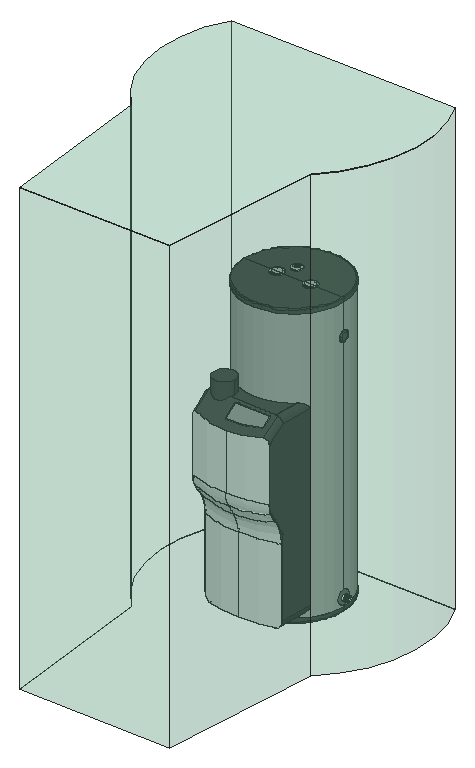
Revit family "Innovo NL_IR 12 160 NL LP", category Mechanical Equipment, Revit 2015
Parameters (values of type "IR-12-160 NL LP")
  Werkruimte Radius = Diameter + 170 mm  # 780 mm
  Werkruimte Hoogte = Hoogte + 1000 mm  # 2745 mm
  Werkruimte Afstand Voor = 1000 mm
  Werkruimte [instance] = yes
  Voorzorgsmaatregelen tijdens montage, installatie of onderhoud = "zie Gebruikers, Installatie, Service en Onderhouds handleiding"  # constant formula
  Voltage = 230 V  # constant formula
  Verpakkingslengte = 946 mm  # constant formula
  Verpakkingshoogte = 1895 mm
  Verpakkingsbreedte = 786 mm  # constant formula
  Uitsluitend werkend in daluren = no
  Type aanduiding = "IR-24-285"
  Transportgewicht = 153 kg
  Totaal Gewicht = 438 kg
  Stilstandsverlies - dagelijks (24u) = 0 W
  Stilstandsverlies = 0 W
  Standaard Afgesteld op = "G30/G31"
  Stand Regelthermostaat = 65 °C  # constant formula
  Soort Verpakking = "Karton en Hout"  # constant formula
  Slimme controlefunctie = no
  Setpoint thermostaat = 65 °C  # constant formula
  Seizoens Rendement (Hs) = [Rendement (Hs, vlgs. NEN-EN 89 - 1999)]  # 97
  Rendement (Hs, vlgs. NEN-EN 89 - 1999) = 97
  Rendement (Hi, vlgs. NEN-EN 89 - 1999) = 108
  Produktspecificaties Link = ""
  Produkthandleiding Link = ""
  Produkt Model Nummer (EAN-nummer) = "8717449283933"
  Onderhoudsinterval = "12 maanden"  # constant formula
  Nominale Belasting (Onderwaarde) = "25000.0/22000.0"
  Nominale Belasting (Bovenwaarde) = "27100.0/23900.0"
  Nominaal Vermogen = "26300.0/23300.0"
  NOx-uitstoot mg/kWh = "80.0/33.0"
  NOx-uitstoot (lucht vrij, 0% O2) ppm = "48.0/20.0"
  Min. Stand Regelthermostaat = 40 °C  # constant formula
  Max. Werkdruk = 800000.0 Pa
  Max. Stand Regelthermostaat = 85 °C  # constant formula
  Max. Rookgastemperatuur = 57 °C
  Ledig Gewicht = 136 kg
  Kraan Hoogte 02 = if(and(Hoogte = 1745 mm, Diameter = 675 mm), 1518 mm, if(and(Hoogte = 1745 mm, Diameter = 610 mm), 1534 mm, if(Hoogte = 1545 mm, 1328 mm, 1070 mm)))  # 1534 mm
  Kraan Hoogte 01 = if(and(Diameter > 560 mm), 693 mm, 604 mm)  # 693 mm
  Uitschakeldruk LDS < = 210.0 Pa
  URL = "www.aosmith.nl"
  Tapcapaciteit bij ΔT = 70°C  na 90 min. = 630.0 L
  Tapcapaciteit bij ΔT = 70°C  na 60 min. = 490.0 L
  Tapcapaciteit bij ΔT = 70°C  na 30 min. = 340.0 L
  Tapcapaciteit bij ΔT = 70°C  na 120 min. = 780.0 L
  Tapcapaciteit bij ΔT = 55°C  na 90 min. = 830.0 L
  Tapcapaciteit bij ΔT = 55°C  na 60 min. = 650.0 L
  Tapcapaciteit bij ΔT = 55°C  na 30 min. = 460.0 L
  Tapcapaciteit bij ΔT = 55°C  na 120 min. = 1100.0 L
  Tapcapaciteit bij ΔT = 50°C  na 90 min. = 920.0 L
  Tapcapaciteit bij ΔT = 50°C  na 60 min. = 720.0 L
  Tapcapaciteit bij ΔT = 50°C  na 30 min. = 510.0 L
  Tapcapaciteit bij ΔT = 50°C na 120 min. = 1200.0 L
  Tapcapaciteit bij ΔT = 44°C na 120 min. = 1100.0 L
  Tapcapaciteit bij ΔT = 44°C  na 90 min. = 820.0 L
  Tapcapaciteit bij ΔT = 44°C  na 60 min. = 590.0 L
  Tapcapaciteit bij ΔT = 44°C  na 30 min. = 1300.0 L
  Tapcapaciteit bij ΔT = 28°C na 90 min. = 1700.0 L
  Tapcapaciteit bij ΔT = 28°C na 60 min. = 1400.0 L
  Tapcapaciteit bij ΔT = 28°C na 30 min. = 960.0 L
  Tapcapaciteit bij ΔT = 28°C na 120 min. = 2100.0 L
  Tapcapaciteit Continu bij ΔT = 70°C = 290.0 L/s
  Tapcapaciteit Continu bij ΔT = 55°C = 370.0 L/s
  Tapcapaciteit Continu bij ΔT = 50°C = 410.0 L/s
  Tapcapaciteit Continu bij ΔT = 44°C = 460.0 L/s
  Tapcapaciteit Continu bij ΔT = 28°C = 740.0 L/s
  Opwarmtijd bij ΔT = 70°C = "49"
  Opwarmtijd bij ΔT = 55°C = "39"
  Opwarmtijd bij ΔT = 50°C = "35"
  Opwarmtijd bij ΔT = 44°C = "31"
  Opwarmtijd bij ΔT = 28°C = "20"
  Model = "IR-24-285 NL LP"
  Manufacturer = "A.O. Smith Water Products Company b.v."  # constant formula
  Length = 780 mm  # constant formula
  Jaarlijks elektriciteitsverbruik (2) = "-"
  Jaarlijks elektriciteitsverbruik (1) = "45 kWh"
  Jaarlijks brandstofverbruik (2) = "-"
  Jaarlijks brandstofverbruik (1) = "21 GJ GCV"
  Isolatiedikte = 44 mm
  Installatie Typen = "B23/C13/C33/C43/C53/C63"  # constant formula
  Inhoud = 285.0 L
  Hoogte Warm Water Uitlaat = 1745 mm
  Hoogte Rookgasafvoer = 1350 mm
  Hoogte Lucht Inlaat = 1350 mm
  Hoogte Koud Water Inlaat = 170 mm
  Hoogte Gas Aansluiting = 920 mm
  Hoogte = 1745 mm
  Handelsmerk = "A.O. Smith"  # constant formula
  Geluidsniveau dB (A) = "<45"  # constant formula
  Geluidsniveau binnen = "53 dB"
  Gasverbruik - Volume ltr/hr = "n.v.t."
  Gasverbruik - Massa kg/h = "2.00/1.70"
  Gascategorie = "II2EK3B/P"  # constant formula
  Gas Voordruk = 5000.0 Pa
  Gas Aansluiting = 15"  # constant formula
  Garrantie op Tank = "36 maanden"  # constant formula
  Garrantie op Onderdelen = "12 maanden"  # constant formula
  Frequentie = 50 Hz  # constant formula
  Fase = 1
  Fabrikantnummer = "E 7110"  # constant formula
  Energie-efficiëntieklasse voor waterverwarming (2) = "-"
  Energie-efficiëntieklasse voor waterverwarming (1) = "A"  # constant formula
  Energie-efficiëntie voor waterverwarming (2) = "-"
  Energie-efficiëntie voor waterverwarming (1) = "91%"
  Elektrisch Vermogen (piek) = 105 W
  Elektrisch Vermogen (nominaal) = 51 W
  Diameter Schoorsteen - parallel systeem = "2x80"  # constant formula
  Diameter Schoorsteen - concentrisch systeem = "80/125 mm/mm"  # constant formula
  Diameter Schoorsteen - boiler = "80/125 mm/mm"  # constant formula
  Diameter = 610 mm
  Description = "Condenserende Hoog Rendementsboiler"  # constant formula
  Created By = "http://www.cadcompany.nl/"
  Capaciteitsprofiel = "XXL"
  CO2-uitstoot (tol. +/- 1.0) vol% = "11.8/10.0"
  CE-PIN = "0063CQ3037"  # constant formula
  Breedte = Diameter  # 610 mm
  Bestemming / Land = "Nederland"  # constant formula
  BIM Content Developer = "CAD & Company"  # constant formula
  Assembly Code = "D3010"
  Ander capaciteitsprofiel = "-"
  Aansluiting Warm Water = 1"
  Aansluiting T&P = 1"
  Aansluiting Koud Water = 3/4"  # constant formula
  Aansluiting Condensafvoer = 40 mm  # constant formula
  Aansluiting Aftapkraan = 3/4"  # constant formula
  2e Onderhoud (algeheel onderhoud) = "12 maanden na installatie"  # constant formula
  1e Onderhoud (check-up) = "3 maanden na installatie"  # constant formula
Reference planes
  plane 1 "Center (Front/Back)": y = 0
  plane 2: z = 0
  plane 3 "Center (Left/Right)": x = 0
  plane 4 "Pipe": through (-383.901, 912.349, 194.799) normal (-0.0879, -0.0879, 0.9923)
  plane 5 "footing": y = 118.925
  plane 6 "footing front": y = -237.85
  plane 7: x = -305
  plane 8: x = 305
  plane 9: z = 1745
Forms (mm)
  Revolve 1, solid, material "RAL 9005", detail levels medium+fine
    sketch origin (0, -237.85, 0) x (-1, 0, 0) y (0, 0, 1)
      loop
        line (0, 28.9) -> (-15, 28.9) -> (-15, 26.4) -> (-8.671, 26.4) -> (-8.671, 18) -> (-5.686, 18) -> (-6.626, 17.06) -> (-6.626, 12.06) -> (-8.671, 12.06) -> (-8.671, 10) -> (-10.031, 10) -> (-23.271, 5.181)
        arc (-23.271, 5.181) -> (-23.763, 4.836) -> (-24.017, 4.293) r 1.159
        line (-24.017, 4.293) -> (-24.017, 1.03)
        arc (-24.017, 1.03) -> (-23.715, 0.302) -> (-22.986, 0) r 1.03
        line (-22.986, 0) -> (0, 0) -> (0, 28.9)
      axis (0, 28.9) -> (0, 0)
    angle from 0 to 360
  Revolve 2, solid, material "RAL 9005", detail levels medium+fine
    sketch origin (0, 118.925, 0) x (-1, 0, 0) y (0, 0, 1)
      loop
        line (-205.984, 28.9) -> (-220.984, 28.9) -> (-220.984, 26.4) -> (-214.655, 26.4) -> (-214.655, 18) -> (-211.67, 18) -> (-212.61, 17.06) -> (-212.61, 12.06) -> (-214.655, 12.06) -> (-214.655, 10) -> (-216.015, 10) -> (-229.256, 5.181)
        arc (-229.256, 5.181) -> (-229.747, 4.836) -> (-230.001, 4.293) r 1.159
        line (-230.001, 4.293) -> (-230.001, 1.03)
        arc (-230.001, 1.03) -> (-229.699, 0.302) -> (-228.971, 0) r 1.03
        line (-228.971, 0) -> (-205.984, 0) -> (-205.984, 28.9)
      axis (-205.984, 28.9) -> (-205.984, 0)
    angle from 0 to 360
  Revolve 3, solid, material "RAL 9005", detail levels medium+fine
    sketch origin (0, 118.925, 0) x (-1, 0, 0) y (0, 0, 1)
      loop
        line (204.016, 28.9) -> (189.016, 28.9) -> (189.016, 26.4) -> (195.345, 26.4) -> (195.345, 18) -> (198.33, 18) -> (197.39, 17.06) -> (197.39, 12.06) -> (195.345, 12.06) -> (195.345, 10) -> (193.985, 10) -> (180.744, 5.181)
        arc (180.744, 5.181) -> (180.253, 4.836) -> (179.999, 4.293) r 1.159
        line (179.999, 4.293) -> (179.999, 1.03)
        arc (179.999, 1.03) -> (180.301, 0.302) -> (181.029, 0) r 1.03
        line (181.029, 0) -> (204.016, 0) -> (204.016, 28.9)
      axis (204.016, 28.9) -> (204.016, 0)
    angle from 0 to 360
Lines and regions (mm)
  symbolic lines
    curve 1: line (0, 280.06, 0) -> (0, -280.06, 0)
    curve 2: line (-280.06, 0, 0) -> (280.06, 0, 0)
  symbolic lines, style "Workspace"
    curve 3: line (681.142, 380.06, 0) -> (-681.142, 380.06, 0)
    curve 4: arc (-681.142, 380.06, 0) -> (-777.325, -64.546, 0) -> (-609.127, -487.2, 0) r 780
    curve 5: line (-609.127, -487.2, 0) -> (-421.783, -1517.825, 0)
    curve 6: line (-421.783, -1517.825, 0) -> (424.03, -1517.825, 0)
    curve 7: line (424.03, -1517.825, 0) -> (611.027, -484.816, 0)
    curve 8: arc (611.027, -484.816, 0) -> (777.449, -63.027, 0) -> (681.142, 380.06, 0) r 780
Dimensions and locks
  plane 5 "footing" to plane 1 "Center (Front/Back)" = 118.925 mm
  plane 1 "Center (Front/Back)" to plane 6 "footing front" = 237.85 mm
  "Diameter": plane 7 to plane 8
  equal spacing: plane 7, plane 3 "Center (Left/Right)", plane 8
  "Hoogte": plane 9 to plane 2
  "Werkruimte Afstand Voor": curve 6 to nested 3
  "Werkruimte Radius": radius of curve 4
  "Werkruimte Radius": radius of curve 8
  aligned and locked: level to plane 2
  aligned and locked: nested 3 to Revolve 1 sketch curve
  aligned and locked: plane 3 "Center (Left/Right)" to Revolve 1 sketch curve
  aligned and locked: nested 3 to plane 1 "Center (Front/Back)"
  aligned and locked: plane 3 "Center (Left/Right)" to nested 3
  aligned and locked: nested 1 to plane 8
  aligned and locked: nested 5 to plane 8
  aligned and locked: nested 2 to plane 7
  aligned and locked: nested 4 to plane 7
  aligned and locked: nested 7 to plane 7
  aligned and locked: nested 8 to plane 3 "Center (Left/Right)"
  aligned and locked: curve 3 to nested 8
  aligned and locked: nested 8 to nested 3
Automatic sketch dimensions
  Revolve 1 sketch curve to level = 0 mm
  plane 3 "Center (Left/Right)" to Revolve 1 sketch curve = 5.686 mm
  Revolve 1 sketch curve to Revolve 1 sketch curve = 0.94 mm  (x2)
  Revolve 1 sketch curve to Revolve 1 sketch curve = 2.046 mm  (x2)
  Revolve 1 sketch curve to Revolve 1 sketch curve = 1.359 mm
  Revolve 1 sketch curve to Revolve 1 sketch curve = 6.329 mm
  level to Revolve 1 sketch curve = 4.091 mm
  Revolve 1 sketch curve to Revolve 1 sketch curve = 12.844 mm
  level to Revolve 1 sketch curve = 1.03 mm
  Revolve 1 sketch curve to Revolve 1 sketch curve = 0.111 mm
  level to Revolve 1 sketch curve = 5.181 mm
  Revolve 1 sketch curve to Revolve 1 sketch curve = 0.745 mm
  level to Revolve 1 sketch curve = 10 mm
  Revolve 1 sketch curve to Revolve 1 sketch curve = 2.06 mm
  Revolve 1 sketch curve to Revolve 1 sketch curve = 5 mm
  Revolve 1 sketch curve to Revolve 1 sketch curve = 8.4 mm
  Revolve 1 sketch curve to Revolve 1 sketch curve = 2.5 mm
  Revolve 1 sketch curve to level = 19.635 mm
  Revolve 1 sketch curve to Revolve 1 sketch curve = 46.465 mm
  Revolve 2 sketch curve to level = 0 mm
  level to Revolve 2 sketch curve = 1.03 mm
  Revolve 2 sketch curve to plane 8 = 74.999 mm
  level to Revolve 2 sketch curve = 5.181 mm
  Revolve 2 sketch curve to Revolve 2 sketch curve = 0.745 mm
  Revolve 2 sketch curve to Revolve 2 sketch curve = 0.397 mm
  Revolve 2 sketch curve to Revolve 2 sketch curve = 8.271 mm
  Revolve 2 sketch curve to Revolve 2 sketch curve = 13.241 mm
  Revolve 2 sketch curve to Revolve 2 sketch curve = 1.359 mm
  Revolve 2 sketch curve to Revolve 2 sketch curve = 6.329 mm
  Revolve 2 sketch curve to Revolve 2 sketch curve = 2.046 mm
  level to Revolve 2 sketch curve = 18 mm
  Revolve 2 sketch curve to Revolve 2 sketch curve = 0.94 mm  (x2)
  Revolve 2 sketch curve to Revolve 2 sketch curve = 8.671 mm
  Revolve 2 sketch curve to Revolve 2 sketch curve = 1.089 mm
  Revolve 2 sketch curve to Revolve 2 sketch curve = 8 mm
  Revolve 2 sketch curve to Revolve 2 sketch curve = 2.06 mm
  Revolve 2 sketch curve to Revolve 2 sketch curve = 8.4 mm
  Revolve 2 sketch curve to Revolve 2 sketch curve = 2.5 mm
  Revolve 2 sketch curve to Revolve 2 sketch curve = 0 mm
  Revolve 2 sketch curve to level = 19.635 mm
  Revolve 2 sketch curve to Revolve 2 sketch curve = 46.465 mm
  Revolve 3 sketch curve to level = 0 mm
  level to Revolve 3 sketch curve = 1.03 mm
  Revolve 3 sketch curve to plane 7 = 125.001 mm
  level to Revolve 3 sketch curve = 5.181 mm
  Revolve 3 sketch curve to Revolve 3 sketch curve = 0.745 mm
  Revolve 3 sketch curve to Revolve 3 sketch curve = 0.397 mm
  Revolve 3 sketch curve to Revolve 3 sketch curve = 8.271 mm
  Revolve 3 sketch curve to Revolve 3 sketch curve = 13.241 mm
  Revolve 3 sketch curve to Revolve 3 sketch curve = 1.359 mm
  Revolve 3 sketch curve to Revolve 3 sketch curve = 6.329 mm
  Revolve 3 sketch curve to Revolve 3 sketch curve = 2.046 mm
  level to Revolve 3 sketch curve = 18 mm
  Revolve 3 sketch curve to Revolve 3 sketch curve = 0.94 mm  (x2)
  Revolve 3 sketch curve to Revolve 3 sketch curve = 8.671 mm
  Revolve 3 sketch curve to Revolve 3 sketch curve = 1.089 mm
  Revolve 3 sketch curve to Revolve 3 sketch curve = 8 mm
  Revolve 3 sketch curve to Revolve 3 sketch curve = 2.06 mm
  Revolve 3 sketch curve to Revolve 3 sketch curve = 8.4 mm
  Revolve 3 sketch curve to Revolve 3 sketch curve = 2.5 mm
  Revolve 3 sketch curve to Revolve 3 sketch curve = 0 mm
  Revolve 3 sketch curve to level = 19.635 mm
  Revolve 3 sketch curve to Revolve 3 sketch curve = 46.465 mm
  curve 4 to curve 8 = 0 mm  (x2)
  plane 1 "Center (Front/Back)" to curve 2 = 0 mm
  curve 1 to plane 3 "Center (Left/Right)" = 0 mm
  plane 1 "Center (Front/Back)" to curve 4 = 0 mm
  curve 4 to plane 3 "Center (Left/Right)" = 0 mm
  curve 5 to plane 6 "footing front" = 249.35 mm
  plane 7 to curve 5 = 116.783 mm
  plane 8 to curve 7 = 119.03 mm
  curve 7 to plane 6 "footing front" = 246.966 mm
  curve 2 to plane 7 = 24.94 mm
  curve 2 to plane 8 = 24.94 mm
  curve 1 to plane 6 "footing front" = 42.21 mm
  plane 5 "footing" to curve 1 = 161.135 mm
Nested families
  nested 1: "Valve" at (305, -0.38, 1534) x (0, 1, 0) z (0, 0, 1), built-in parameter 1001364 <- "Kraan Hoogte 02", type "Valve"
  nested 2: "Drain Valve" at (-305, 0, 1534), built-in parameter 1001364 <- "Kraan Hoogte 02", type "Drain Valve"
  nested 3: "Housing Mother Housing S 57 (external)" at (0, -299.886, 0), type "Housing Mother_Housing S_57"
    with radius 305 mm, distance to boiler center 154 mm, diameter 610 mm
  nested 4: "Drain Valve" at (-305, 0, 177), type "Drain Valve"
  nested 5: "Drain Valve" at (305, 0, 107) x (-1, 0, 0) z (0, 0, 1), type "Drain Valve"
  nested 6: "Boiler" at (0, 0, 0), height <- "Hoogte", type "Boiler"
    with height 1745 mm, radius 305 mm, Diameter 610 mm
  nested 7: "Drain Valve" at (-305, 0, 693), built-in parameter 1001364 <- "Kraan Hoogte 01", type "Drain Valve"
  nested 8: "Innovo_workspace" at (0, 0, 0), Workspace <- "Werkruimte", Workspace Distance Front <- "Werkruimte Afstand Voor", Workspace Height <- "Werkruimte Hoogte", Workspace Radius <- "Werkruimte Radius", type "Workspace"
    with Workspace Radius 780 mm, Workspace Height 2745 mm, Workspace Distance Front 1000 mm, Workspace yes, Center to Front 517.825 mm
Connectors
  piping at (339.826, 0, 107), diameter 19.05, driven by "Aansluiting Aftapkraan"
    settings: on nested 5, index 1, connector inside diameter 24", connector length 0 mm, flow factor 0, pipe flow 0.0 L/s, pressure drop 0.0 Pa, fitting loss kfactor 0, connector angle 0.00°, fixture units 0, engagement length 0 mm, angle of deflection 0.00°, flow configuration 0, flow direction 0, fitting loss method 0, system type 19, joint type 0, gender type 0, connector reference index -1, connector utility 0, adjustable connector no, is connector primary yes, connector description ""
  hvac at (-147.013, -346.326, 1310.674)
    settings: on nested 3, index 2, duct flow 0.0 L/s, flow factor 0, pres drop 0.0 Pa, loss coef 0, conn angle 0.00°, conn width 304.8 mm, conn height 304.8 mm, conn diameter 125 mm, duct sys type 4, conn prof type 0, flow config 0, flow direction 0, loss method 0, conn ref index -1, conn util no, is conn primary yes, conn desc ""
Definition of nested family "Valve"
  Parameters (values of type "Valve")
    Type Comments = "T&P valve (internal)"
    Manufacturer = "A.O. Smith"
  Reference planes
    plane 1 "Center (Front/Back)": y = 0
    plane 2: z = 0
    plane 3 "Center (Left/Right)": x = 0
  Forms (mm)
    Extrusion 1, solid, detail levels fine
      sketch origin (0, 0, 0) x (1, 0, 0) y (0, 0, 1)
        loop
          circle (0, 0) r 31.5
      from -2.271 to 1.4
    Sweep 2, solid, detail levels fine
      path origin (0, -1.4, 0) x (1, 0, 0) y (0, 0, 1)
        loop
          circle (0, 0) r 31.5
      profile origin (0, -1.4, 31.5) x (0, 0, -1) y (0, -1, 0)
        loop
          line (7.3, 0) -> (7.3, 3) -> (0, 0) -> (7.3, 0)
  Dimensions and locks
    aligned and locked: level to plane 2
Definition of nested family "Drain Valve"
  Reference planes
    plane 1 "Center (Front/Back)": y = 0
    plane 2: z = 0
    plane 3 "Center (Left/Right)": x = 0
  Forms (mm)
    Revolve 1, solid, detail levels medium+fine
      sketch origin (0, 0, 0) x (1, 0, 0) y (0, 0, 1)
        loop
          line (-33.442, 15.696) -> (-34.826, 14.329) -> (-34.93, 12.731) -> (-16.555, 12.731) -> (-16.555, 0) -> (15.787, 0) -> (15.787, 18.3) -> (-14.4, 18.3) -> (-17.148, 15.533) -> (-18.729, 16.697) -> (-20.091, 15.333) -> (-21.672, 16.496) -> (-23.034, 15.133) -> (-24.614, 16.296) -> (-25.976, 14.932) -> (-27.557, 16.096) -> (-28.919, 14.732) -> (-30.5, 15.896) -> (-31.862, 14.532) -> (-33.442, 15.696)
        axis (-34.93, 0) -> (15.787, 0)
      angle from 0 to 360
  Dimensions and locks
    aligned and locked: level to plane 2
  Nested families
    nested 1: "Rubber sealing" at (2.592, -0.155, 0) x (0.0023, -1, 0) z (0, 0, 1), type "Rubber sealing", detail levels fine
  Definition of nested family "Rubber sealing"
    Reference planes
      plane 1 "Center (Front/Back)": y = 0
      plane 2: z = 0
      plane 3 "Center (Left/Right)": x = 0
    Forms (mm)
      Extrusion 1, solid, detail levels fine
        sketch origin (141.861, 319.581, 0) x (1, 0, 0) y (0, 1, 0)
          loop
            line (-216.354, -311.898) -> (-216.354, -313.94)
            arc (-216.354, -313.94) -> (-141.602, -321.581) -> (-66.861, -313.835) r 366.966
            line (-66.861, -313.835) -> (-66.861, -311.791)
            arc (-66.861, -311.791) -> (-141.602, -319.581) -> (-216.354, -311.898) r 364.966
        from -80 to 80
      Extrusion 2, void
        sketch origin (141.861, 319.581, 0) x (1, 0, 0) y (0, 0, 1)
          loop
            circle (-141.861, 0) r 13
          loop
            circle (-141.861, 0) r 110
          loop
            circle (-141.861, 0) r 40
        from 311.563 to 332.684
      Extrusion 3, void
        sketch origin (141.861, 319.581, 0) x (1, 0, 0) y (0, 0, 1)
          loop
            circle (-141.861, 0) r 18.25
        from 315.524 to 326.084
    Cuts and joins
      Extrusion 2, Extrusion 3 cuts Extrusion 1
    Dimensions and locks
      aligned and locked: level to plane 2
Definition of nested family "Housing Mother Housing S 57 (external)"
  Parameters (values of type "Housing Mother_Housing S_57")
    radius [instance] = 280 mm
    distance to boiler center = if(diameter = 675 mm, 189 mm, if(diameter = 610 mm, 154 mm, 129 mm))  # 129 mm
    diameter = 560 mm
  Reference planes
    plane 1 "Center (Front/Back)": y = 0
    plane 2: z = 0
    plane 3 "Center (Left/Right)": x = 0
    plane 4 "left": through (-245.286, 145.886, 1200) normal (0.9994, 0.0349, 0)
    plane 5: y = -217.939
    plane 6: y = 145.886
    plane 7: z = 1232.6
    plane 8: z = 65.89
    plane 9 "right": through (245.286, 145.886, 1200) normal (0.9994, -0.0349, 0)
    plane 10 "display": through (0, -90.37, 1221.196) normal (0, -0.5736, 0.8192)
    plane 11 "Potentiostat": z = 867.899
    plane 12 "boiler center": y = 274.886
    plane 13: x = -280
    plane 14: x = 280
  Forms (mm)
    Extrusion 1, solid
      sketch origin (0, 0, 0) x (1, 0, 0) y (0, 1, 0)
        loop
          line (-245.286, 145.886) -> (-232.581, -217.939) -> (232.581, -217.939) -> (245.286, 145.886)
          arc (245.286, 145.886) -> (0, 0.923) -> (-245.286, 145.886) r 280
      from 0 to 1232.6
    Sweep 2, void
      path origin (0, 0, 0) x (0, 1, 0) y (0, 0, 1)
        loop
          line (-217.939, 1232.6) -> (-217.939, 795.555)
          arc (-217.939, 795.555) -> (-212.387, 754.285) -> (-197.694, 715.322) r 183.924
          arc (-197.694, 715.322) -> (-179.915, 684.628) -> (-159.106, 655.901) r 348.284
          arc (-159.106, 655.901) -> (-131.411, 600.328) -> (-121.88, 538.973) r 202.254
          line (-121.88, 538.973) -> (-121.88, 61.106)
      profile origin (0, -217.939, 1014.077) x (1, 0, 0) y (0, 1, 0)
        loop
          arc (0, 0) -> (-117.533, 9.941) -> (-231.728, 39.475) r 699.984
          arc (-231.728, 39.475) -> (-233.391, 40.705) -> (-234.07, 42.659) r 3.505
          line (-234.07, 42.659) -> (-254.062, 42.659) -> (-254.062, -142.593) -> (254.07, -142.593) -> (254.07, 42.659) -> (234.07, 42.659)
          arc (234.07, 42.659) -> (233.391, 40.705) -> (231.728, 39.475) r 3.505
          arc (231.728, 39.475) -> (117.533, 9.941) -> (0, 0) r 699.984
    Extrusion 3, void
      sketch origin (0, 0, 0) x (0, 1, 0) y (0, 0, 1)
        loop
          arc (102.864, 70.869) -> (99.804, 70.709) -> (96.874, 69.813) r 12.57
          arc (96.874, 69.813) -> (87.878, 66.533) -> (78.516, 64.529) r 69.114
          arc (78.516, 64.529) -> (76.41, 64.284) -> (74.294, 64.148) r 41.206
          arc (74.294, 64.148) -> (65.203, 64.335) -> (56.122, 64.782) r 318.661
          arc (56.122, 64.782) -> (30.585, 66.179) -> (5.028, 67.128) r 1456.581
          line (5.028, 67.128) -> (-84.534, 73.135)
          arc (-84.534, 73.135) -> (-86.363, 73.808) -> (-87.536, 75.365) r 3.455
          line (-87.536, 75.365) -> (-264.473, 75.365) -> (-264.473, 0) -> (160.886, 0) -> (160.886, 103.945) -> (145.886, 103.945)
          arc (145.886, 103.945) -> (145.104, 97.827) -> (142.923, 92.059) r 26.364
          arc (142.923, 92.059) -> (141.067, 88.936) -> (138.867, 86.045) r 31.715
          arc (138.867, 86.045) -> (135.576, 82.49) -> (132.021, 79.2) r 62.615
          arc (132.021, 79.2) -> (125.841, 74.697) -> (119.091, 71.103) r 54.444
          arc (119.091, 71.103) -> (116.371, 70.272) -> (113.531, 70.123) r 11.669
          line (113.531, 70.123) -> (102.864, 70.869)
      from -254.062 to 254.07
    Sweep 4, void
      path origin (0, 0, 0) x (1, 0, 0) y (0, 1, 0)
        loop
          line (-245.286, 145.886) -> (-232.581, -217.939)
      profile origin (-238.933, -36.027, 0) x (0.999391, 0.034899, 0) y (0, 0, 1)
        loop
          line (-4.454, 0) -> (47.084, 0) -> (47.084, 73.431)
          arc (47.084, 73.431) -> (14.222, 85.134) -> (0.255, 117.1) r 43.922
          line (0.255, 117.1) -> (-4.454, 117.1) -> (-4.454, 0)
    Sweep 5, void
      path origin (0, 0, 0) x (-1, 0, 0) y (0, 1, 0)
        loop
          line (-245.286, 145.886) -> (-232.581, -217.939)
      profile origin (238.933, -36.027, 0) x (0.999391, -0.034899, 0) y (0, 0, 1)
        loop
          line (4.454, 0) -> (4.454, 117.1) -> (-0.255, 117.1)
          arc (-0.255, 117.1) -> (-14.222, 85.134) -> (-47.084, 73.431) r 43.922
          line (-47.084, 73.431) -> (-47.084, 0) -> (4.454, 0)
    Sweep 6, void
      path origin (-239.899, -8.377, 0) x (-0.034899, 0.999391, 0) y (0, 0, 1)
        loop
          line (-209.69, 1141.272) -> (-79.18, 1232.6) -> (154.358, 1232.6)
      profile origin (-241.211, 29.188, 1232.6) x (0, 0, 1) y (0.999391, 0.034899, 0)
        loop
          line (-45, -30) -> (75, -30) -> (75, 0) -> (75, 55) -> (2.799, 55) -> (-1.253, 35.128)
          arc (-1.253, 35.128) -> (-16.771, 9.564) -> (-45, -0.308) r 44.287
          line (-45, -0.308) -> (-45, -30)
    Sweep 7, void
      path origin (239.899, -8.377, 0) x (0.034899, 0.999391, 0) y (0, 0, 1)
        loop
          line (-209.69, 1141.272) -> (-79.18, 1232.6) -> (154.358, 1232.6)
      profile origin (241.211, 29.188, 1232.6) x (0, 0, -1) y (-0.999391, 0.034899, 0)
        loop
          line (-75, -25) -> (45, -25) -> (45, -0.308)
          arc (45, -0.308) -> (16.771, 9.564) -> (1.253, 35.128) r 44.287
          line (1.253, 35.128) -> (-2.799, 55) -> (-75, 55) -> (-75, -25)
    Extrusion 8, void
      sketch origin (0, 0, 0) x (0, 1, 0) y (0, 0, 1)
        loop
          line (-270, 1336.099) -> (-270, 1099.081) -> (68.497, 1336.099) -> (-270, 1336.099)
      from -425.038 to 444.42
    Extrusion 9, solid, detail levels medium+fine
      sketch origin (0, 0, 0) x (1, 0, 0) y (0, 1, 0)
        loop
          circle (-147.013, -46.44) r 65
      from 1163.174 to 1310.674
    Extrusion 10, void
      sketch origin (0, -603.506, 861.895) x (0, 0.819152, 0.573576) y (-1, 0, 0)
        loop
          arc (618.322, -173) -> (623.272, -170.95) -> (625.322, -166) r 7
          line (625.322, -166) -> (625.322, 35)
          arc (625.322, 35) -> (623.272, 39.95) -> (618.322, 42) r 7
          line (618.322, 42) -> (535.473, 42)
          arc (535.473, 42) -> (530.688, 40.11) -> (528.488, 35.46) r 7
          arc (528.488, 35.46) -> (531.569, -67.592) -> (554.18, -168.18) r 540
          arc (554.18, -168.18) -> (556.724, -171.668) -> (560.831, -173) r 7
          line (560.831, -173) -> (618.322, -173)
      from 0 to 137.286
    Sweep 11, solid, detail levels fine
      path origin (0, 0, 867.899) x (-1, 0, 0) y (0, -1, 0)
        loop
          line (309.749, -35.617) -> (204.371, -35.617)
          arc (204.371, -35.617) -> (196.509, -34.687) -> (189.082, -31.947) r 33.677
          line (189.082, -31.947) -> (-9.574, 69.274)
      profile origin (-257.06, 35.617, 867.899) x (0, 1, 0) y (0, 0, 1)
        loop
          circle (0, 0) r 7.316
        loop
          circle (0, 0) r 6.465
    Revolve 12, void
      sketch origin (0, 274.886, 0) x (-1, 0, 0) y (0, 0, 1)
        loop
          line (280, 1243.838) -> (0, 1243.838) -> (0, 54.9) -> (280, 54.9) -> (280, 1243.838)
        axis (0, 1243.838) -> (0, 54.9)
      angle from 0 to 360
  Cuts and joins
    Sweep 2, Extrusion 3, Sweep 4, Sweep 5, Sweep 6, Sweep 7, Extrusion 8, Extrusion 10, Revolve 12 cuts Extrusion 1
  Dimensions and locks
    plane 8 to plane 2 = 65.89 mm
    plane 7 to plane 8 = 1166.71 mm
    "distance to boiler center": plane 12 "boiler center" to plane 6
    "diameter": plane 14 to plane 13
    equal spacing: plane 14, plane 3 "Center (Left/Right)", plane 13
    "radius": plane 3 "Center (Left/Right)" to plane 13
    aligned and locked: level to plane 2
    aligned and locked: Extrusion 1 to plane 7
    aligned and locked: Extrusion 1 sketch curve to plane 5
    aligned and locked: Sweep 2 to Extrusion 3
    aligned and locked: Extrusion 3 to Sweep 2  (x2)
    aligned and locked: plane 7 to Sweep 2 sketch curve
    aligned and locked: plane 3 "Center (Left/Right)" to Revolve 12 sketch curve
    aligned and locked: Revolve 12 sketch curve to plane 3 "Center (Left/Right)"
    aligned and locked: plane 13 to Revolve 12 sketch curve
  Automatic sketch dimensions
    Extrusion 1 sketch curve to plane 4 "left" = 0 mm  (x2)
    Extrusion 1 sketch curve to plane 6 = 0 mm  (x2)
    Extrusion 1 sketch curve to plane 3 "Center (Left/Right)" = 0 mm
    Extrusion 1 sketch curve to plane 9 "right" = 0 mm
    plane 6 to Extrusion 1 sketch curve = 135.037 mm
    Sweep 2 sketch curve to plane 5 = 0 mm
    plane 5 to Sweep 2 sketch curve = 106.195 mm
    Sweep 2 sketch curve to plane 5 = 96.059 mm
    plane 1 "Center (Front/Back)" to Sweep 2 sketch curve = 34.053 mm
    plane 11 "Potentiostat" to Sweep 2 sketch curve = 6.417 mm
    Sweep 2 sketch curve to plane 6 = 33.705 mm
    Sweep 2 sketch curve to plane 11 "Potentiostat" = 68.615 mm
    Sweep 2 sketch curve to plane 11 "Potentiostat" = 72.345 mm
    Sweep 2 sketch curve to Sweep 2 sketch curve = 176.349 mm
    Sweep 2 sketch curve to Sweep 2 sketch curve = 0 mm  (x2)
    plane 8 to Sweep 2 sketch curve = 4.784 mm
    Extrusion 3 sketch curve to level = 0 mm
    Extrusion 3 sketch curve to plane 6 = 0 mm
    Extrusion 3 sketch curve to plane 6 = 26.363 mm
    Extrusion 3 sketch curve to Extrusion 3 sketch curve = 4.75 mm
    Extrusion 3 sketch curve to Extrusion 3 sketch curve = 5.179 mm
    Extrusion 3 sketch curve to plane 8 = 4.232 mm
    Extrusion 3 sketch curve to Extrusion 3 sketch curve = 0.814 mm
    Extrusion 3 sketch curve to plane 8 = 4.978 mm
    Extrusion 3 sketch curve to Extrusion 3 sketch curve = 10.667 mm
    Extrusion 3 sketch curve to Extrusion 3 sketch curve = 0.877 mm
    Extrusion 3 sketch curve to Extrusion 3 sketch curve = 17.827 mm
    Extrusion 3 sketch curve to Extrusion 3 sketch curve = 5.646 mm
    Extrusion 3 sketch curve to plane 6 = 69.562 mm
    Extrusion 3 sketch curve to Extrusion 3 sketch curve = 18.6 mm
    Extrusion 3 sketch curve to Extrusion 3 sketch curve = 22.538 mm
    Extrusion 3 sketch curve to plane 8 = 1.238 mm
    Extrusion 3 sketch curve to plane 1 "Center (Front/Back)" = 5.028 mm
    plane 1 "Center (Front/Back)" to Extrusion 3 sketch curve = 36.224 mm
    Extrusion 3 sketch curve to plane 8 = 10.692 mm
    plane 1 "Center (Front/Back)" to Extrusion 3 sketch curve = 84.302 mm
    Extrusion 3 sketch curve to plane 8 = 7.244 mm
    Extrusion 3 sketch curve to Extrusion 3 sketch curve = 0.231 mm
    Extrusion 3 sketch curve to Extrusion 3 sketch curve = 3.234 mm
    plane 5 to Extrusion 3 sketch curve = 46.534 mm
    plane 6 to Extrusion 3 sketch curve = 15 mm
    Extrusion 3 sketch curve to level = 1388.869 mm
    plane 8 to Extrusion 3 sketch curve = 7.561 mm
    Extrusion 3 sketch curve to Extrusion 3 sketch curve = 11.64 mm
    Extrusion 3 sketch curve to plane 8 = 38.054 mm
    Extrusion 3 sketch curve to Extrusion 3 sketch curve = 22.442 mm
    Extrusion 3 sketch curve to plane 8 = 39.432 mm
    Extrusion 3 sketch curve to Extrusion 3 sketch curve = 2.466 mm
    Extrusion 3 sketch curve to Extrusion 3 sketch curve = 14.17 mm
    Extrusion 3 sketch curve to Extrusion 3 sketch curve = 5.925 mm
    Extrusion 3 sketch curve to Extrusion 3 sketch curve = 6.186 mm
    Extrusion 3 sketch curve to Extrusion 3 sketch curve = 249.85 mm
    Extrusion 3 sketch curve to Extrusion 3 sketch curve = 0 mm  (x4)
    Extrusion 3 sketch curve to Extrusion 3 sketch curve = 6.845 mm
    plane 8 to Extrusion 3 sketch curve = 1.743 mm
    Sweep 4 sketch curve to plane 4 "left" = 0 mm  (x2)
    Sweep 4 sketch curve to plane 6 = 0 mm
    plane 5 to Sweep 4 sketch curve = 0 mm
    Sweep 4 sketch curve to level = 0 mm
    profile plane to Sweep 4 sketch curve = 4.454 mm
    Sweep 4 sketch curve to profile plane = 0.255 mm
    Sweep 4 sketch curve to Sweep 4 sketch curve = 43.922 mm
    Sweep 4 sketch curve to profile plane = 47.084 mm
    level to Sweep 4 sketch curve = 73.431 mm
    Sweep 4 sketch curve to Sweep 4 sketch curve = 43.669 mm
    Sweep 5 sketch curve to plane 6 = 0 mm
    Sweep 5 sketch curve to plane 9 "right" = 0 mm  (x2)
    plane 5 to Sweep 5 sketch curve = 0 mm
    Sweep 5 sketch curve to level = 0 mm
    profile plane to Sweep 5 sketch curve = 47.084 mm
    Sweep 5 sketch curve to Sweep 5 sketch curve = 2.907 mm
    profile plane to Sweep 5 sketch curve = 0.255 mm
    Sweep 5 sketch curve to profile plane = 4.454 mm
    level to Sweep 5 sketch curve = 73.431 mm
    Sweep 5 sketch curve to Sweep 5 sketch curve = 43.669 mm
    Sweep 6 sketch curve to plane 7 = 0 mm
    plane 7 to Sweep 6 sketch curve = 91.328 mm
    Sweep 6 sketch curve to Sweep 6 sketch curve = 130.509 mm
    Sweep 6 sketch curve to Sweep 6 sketch curve = 233.538 mm
    Sweep 6 sketch curve to plane 4 "left" = 0 mm
    profile plane to Sweep 6 sketch curve = 45 mm
    Sweep 6 sketch curve to Sweep 6 sketch curve = 0.354 mm
    profile plane to Sweep 6 sketch curve = 1.253 mm
    Sweep 6 sketch curve to profile plane = 2.799 mm
    Sweep 6 sketch curve to Sweep 6 sketch curve = 72.201 mm
    Sweep 6 sketch curve to plane 4 "left" = 0.308 mm
    Sweep 6 sketch curve to Sweep 6 sketch curve = 29.692 mm
    plane 4 "left" to Sweep 6 sketch curve = 35.128 mm
    plane 4 "left" to Sweep 6 sketch curve = 55 mm
    Sweep 7 sketch curve to plane 7 = 0 mm
    Sweep 7 sketch curve to plane 7 = 91.328 mm
    Sweep 7 sketch curve to Sweep 7 sketch curve = 130.509 mm
    Sweep 7 sketch curve to Sweep 7 sketch curve = 233.538 mm
    Sweep 7 sketch curve to plane 9 "right" = 25 mm
    profile plane to Sweep 7 sketch curve = 75 mm
    profile plane to Sweep 7 sketch curve = 2.799 mm
    Sweep 7 sketch curve to profile plane = 1.253 mm
    Sweep 7 sketch curve to Sweep 7 sketch curve = 43.393 mm
    Sweep 7 sketch curve to profile plane = 45 mm
    Sweep 7 sketch curve to plane 9 "right" = 0.308 mm
    plane 9 "right" to Sweep 7 sketch curve = 35.128 mm
    Sweep 7 sketch curve to Sweep 7 sketch curve = 19.872 mm
    plane 5 to Extrusion 8 sketch curve = 52.061 mm
    Extrusion 8 sketch curve to plane 1 "Center (Front/Back)" = 68.497 mm
    plane 7 to Extrusion 8 sketch curve = 133.519 mm
    Extrusion 8 sketch curve to plane 7 = 103.499 mm
    plane 1 "Center (Front/Back)" to Extrusion 9 sketch curve = 46.44 mm
    Extrusion 9 sketch curve to plane 3 "Center (Left/Right)" = 147.013 mm
    Extrusion 10 sketch curve to plane 3 "Center (Left/Right)" = 0 mm
    Extrusion 10 sketch curve to plane 3 "Center (Left/Right)" = 35 mm
    Extrusion 10 sketch curve to Extrusion 10 sketch curve = 25.359 mm
    Extrusion 10 sketch curve to Extrusion 10 sketch curve = 57.491 mm
    Extrusion 10 sketch curve to plane 3 "Center (Left/Right)" = 42 mm
    Extrusion 10 sketch curve to Extrusion 10 sketch curve = 82.85 mm
    Extrusion 10 sketch curve to Extrusion 10 sketch curve = 7 mm
    Extrusion 10 sketch curve to Extrusion 10 sketch curve = 442 mm
    plane 3 "Center (Left/Right)" to Extrusion 10 sketch curve = 166 mm
    Extrusion 10 sketch curve to Extrusion 10 sketch curve = 0 mm  (x2)
    Sweep 11 sketch curve to plane 1 "Center (Front/Back)" = 31.947 mm
    Sweep 11 sketch curve to plane 3 "Center (Left/Right)" = 189.082 mm
    Sweep 11 sketch curve to plane 1 "Center (Front/Back)" = 1.94 mm
    Sweep 11 sketch curve to Sweep 11 sketch curve = 15.289 mm
    plane 3 "Center (Left/Right)" to Sweep 11 sketch curve = 9.574 mm
    Sweep 11 sketch curve to Sweep 11 sketch curve = 105.378 mm
    plane 1 "Center (Front/Back)" to Sweep 11 sketch curve = 69.274 mm
    Sweep 11 sketch curve to Sweep 11 sketch curve = 0 mm  (x2)
    Sweep 11 sketch curve to plane 11 "Potentiostat" = 0 mm
    Sweep 11 sketch curve to profile plane = 0 mm
    plane 8 to Revolve 12 sketch curve = 10.99 mm
    Revolve 12 sketch curve to plane 7 = 11.238 mm
    Revolve 12 sketch curve to level = 366.045 mm
    Revolve 12 sketch curve to Revolve 12 sketch curve = 971.917 mm
    Sweep 2 sketch curve to plane 3 "Center (Left/Right)" = 0 mm
    profile plane to Sweep 2 sketch curve = 0 mm
    Sweep 2 sketch curve to plane 3 "Center (Left/Right)" = 0.016 mm
    Sweep 2 sketch curve to profile plane = 42.782 mm  (x2)
    Sweep 2 sketch curve to plane 3 "Center (Left/Right)" = 230.568 mm
    plane 3 "Center (Left/Right)" to Sweep 2 sketch curve = 0.016 mm
    plane 3 "Center (Left/Right)" to Sweep 2 sketch curve = 230.568 mm
    Sweep 2 sketch curve to Sweep 2 sketch curve = 3.502 mm  (x2)
    Sweep 2 sketch curve to Sweep 2 sketch curve = 20 mm
    profile plane to Sweep 2 sketch curve = 142.593 mm
    Sweep 2 sketch curve to Sweep 2 sketch curve = 0.122 mm  (x2)
    Sweep 2 sketch curve to Sweep 2 sketch curve = 657.203 mm
    Sweep 2 sketch curve to Sweep 2 sketch curve = 19.991 mm
    radius of Extrusion 9 sketch curve = 65 mm
    radius of Sweep 11 sketch curve = 7.316 mm
    radius of Sweep 11 sketch curve = 6.465 mm
  Nested families
    nested 1: "display" at (65.5, -130.939, 1192.79) x (-1, 0, 0) z (0, -0.5736, 0.8192), type "display"
  Definition of nested family "display"
    Parameters (values of type "display")
      Default Elevation = 1219.2 mm
    Reference planes
      plane 1 "Center (Front/Back)": y = 0
      plane 2: z = 0
      plane 3 "Center (Left/Right)": x = 0
    Forms (mm)
      Extrusion 1, solid, detail levels medium+fine
        sketch origin (-16.958, 11.842, -343.878) x (1, 0, 0) y (0, 0, -1)
          loop
            line (-233.523, -343.878) -> (-233.523, -346.592) -> (332.686, -346.592) -> (332.686, -343.878) -> (-233.523, -343.878)
        from -228.7 to 150.822
      Extrusion 2, void
        sketch origin (-16.958, 6.842, -343.878) x (1, 0, 0) y (0, 1, 0)
          loop
            line (-233.523, 155.822) -> (-233.523, -223.7) -> (332.686, -223.7) -> (332.686, 155.822) -> (-233.523, 155.822)
          loop
            arc (-90.542, -48.267) -> (-88.492, -53.216) -> (-83.542, -55.267) r 7
            line (-83.542, -55.267) -> (117.458, -55.267)
            arc (117.458, -55.267) -> (122.408, -53.216) -> (124.458, -48.267) r 7
            line (124.458, -48.267) -> (124.458, 34.583)
            arc (124.458, 34.583) -> (122.568, 39.368) -> (117.918, 41.568) r 7
            arc (117.918, 41.568) -> (14.866, 38.487) -> (-85.722, 15.876) r 540
            arc (-85.722, 15.876) -> (-89.21, 13.332) -> (-90.542, 9.224) r 7
            line (-90.542, 9.224) -> (-90.542, -48.267)
        from 328.878 to 363.083
    Cuts and joins
      Extrusion 2 cuts Extrusion 1
    Dimensions and locks
      aligned and locked: level to plane 2
Definition of nested family "Boiler"
  Parameters (values of type "Boiler")
    radius [instance] = 280 mm
    height [instance] = 1270 mm
    Diameter = 560 mm
  Reference planes
    plane 1 "Center (Front/Back)": y = 0
    plane 2: z = 0
    plane 3 "Center (Left/Right)": x = 0
    plane 4: z = 1243.838
    plane 5: z = 1270
    plane 6 "bottom": z = 28.9
    plane 7: z = 54.9
    plane 8 "top controle": y = 88
    plane 9: x = -280
    plane 10: x = 280
  Forms (mm)
    Revolve 1, solid
      sketch origin (0, 0, 0) x (1, 0, 0) y (0, 0, 1)
        loop
          line (0, 54.9) -> (-280, 54.9) -> (-280, 32.9)
          arc (-280, 32.9) -> (-278.828, 30.072) -> (-276, 28.9) r 4
          line (-276, 28.9) -> (0, 28.9) -> (0, 54.9)
        axis (0, 28.9) -> (0, 54.9)
      angle from 0 to 360
    Revolve 2, solid
      sketch origin (1.311, 0, 0) x (1, 0, 0) y (0, 0, 1)
        loop
          line (-278.86, 1243.838) -> (-278.86, 54.9) -> (-1.311, 54.9) -> (-1.311, 1243.838) -> (-278.86, 1243.838)
        axis (-1.311, 1243.838) -> (-1.311, 54.9)
      angle from 0 to 360
    Revolve 3, solid
      sketch origin (-9.205, 0, 377.212) x (-1, 0, 0) y (0, 0, 1)
        loop
          line (-148.904, 892.788) -> (-110.805, 892.788) -> (-110.805, 895.963) -> (-141.883, 895.963) -> (-148.904, 893.62) -> (-148.904, 892.788)
        axis (-110.805, 892.788) -> (-110.805, 895.963)
      angle from 0 to 360
    Revolve 4, solid
      sketch origin (0, 0, 718.065) x (1, 0, 0) y (0, 0, -1)
        loop
          line (0, -525.773) -> (-280, -525.773) -> (-280, -547.935)
          arc (-280, -547.935) -> (-278.828, -550.763) -> (-276, -551.935) r 4
          line (-276, -551.935) -> (0, -551.935) -> (0, -525.773)
        axis (0, -551.935) -> (0, -525.773)
      angle from 0 to 360
    Revolve 5, solid
      sketch origin (0, 88, 0) x (1, 0, 0) y (0, 0, 1)
        loop
          line (-19.051, 1270) -> (-19.051, 1271.074) -> (-32.63, 1275.604) -> (-32.63, 1271.117) -> (-37.266, 1271.117) -> (-38.383, 1270) -> (-19.051, 1270)
        axis (-50.8, 1270) -> (-50.8, 1275.604)
      angle from 0 to 360
    Revolve 6, solid
      sketch origin (-217.12, 0, 372.245) x (-1, 0, 0) y (0, 0, 1)
        loop
          line (-153.622, 897.755) -> (-115.52, 897.755) -> (-115.52, 900.93) -> (-146.626, 900.93) -> (-153.622, 898.596) -> (-153.622, 897.755)
        axis (-115.52, 897.755) -> (-115.52, 900.93)
      angle from 0 to 360
  Dimensions and locks
    "height": plane 5 to plane 2
    plane 6 "bottom" to plane 2 = 28.9 mm
    locked: plane 5 to plane 4 at 26.162
    locked: plane 1 "Center (Front/Back)" to plane 8 "top controle" at 88
    "Diameter": plane 10 to plane 9
    equal spacing: plane 10, plane 3 "Center (Left/Right)", plane 9
    "radius": plane 3 "Center (Left/Right)" to plane 9
    locked: plane 9 to Revolve 2 sketch curve at 2.452
    aligned and locked: level to plane 2
    aligned and locked: Revolve 2 sketch curve to plane 7
    aligned and locked: Revolve 2 sketch curve to plane 4
    aligned and locked: Revolve 1 sketch curve to plane 7
    aligned and locked: plane 6 "bottom" to Revolve 1 sketch curve
    aligned and locked: Revolve 4 sketch curve to plane 3 "Center (Left/Right)"
    aligned and locked: plane 5 to Revolve 4 sketch curve
    aligned and locked: Revolve 4 sketch curve to plane 4
    aligned and locked: plane 9 to Revolve 4 sketch curve
    aligned and locked: Revolve 1 sketch curve to plane 9
    aligned and locked: Revolve 2 sketch curve to plane 3 "Center (Left/Right)"
    aligned and locked: plane 3 "Center (Left/Right)" to Revolve 2 sketch curve
  Automatic sketch dimensions
    Revolve 1 sketch curve to plane 3 "Center (Left/Right)" = 0 mm  (x2)
    Revolve 1 sketch curve to Revolve 1 sketch curve = 4 mm
    Revolve 1 sketch curve to level = 40 mm
    Revolve 1 sketch curve to Revolve 1 sketch curve = 305.1 mm
    Revolve 2 sketch curve to level = 366.045 mm
    Revolve 2 sketch curve to plane 5 = 945.755 mm
    Revolve 3 sketch curve to plane 5 = 0 mm
    Revolve 3 sketch curve to plane 3 "Center (Left/Right)" = 139.699 mm
    plane 5 to Revolve 3 sketch curve = 3.175 mm
    Revolve 3 sketch curve to Revolve 3 sketch curve = 7.022 mm
    Revolve 3 sketch curve to Revolve 3 sketch curve = 31.078 mm
    Revolve 3 sketch curve to Revolve 3 sketch curve = 0.832 mm
    Revolve 3 sketch curve to Revolve 3 sketch curve = 0 mm
    Revolve 3 sketch curve to Revolve 3 sketch curve = 2.338 mm
    Revolve 3 sketch curve to Revolve 3 sketch curve = 4.487 mm
    Revolve 4 sketch curve to plane 3 "Center (Left/Right)" = 0 mm
    Revolve 4 sketch curve to Revolve 4 sketch curve = 4 mm
    Revolve 4 sketch curve to Revolve 4 sketch curve = 68.738 mm
    Revolve 4 sketch curve to Revolve 4 sketch curve = 305.1 mm
    Revolve 6 sketch curve to plane 5 = 0 mm
    plane 3 "Center (Left/Right)" to Revolve 6 sketch curve = 63.497 mm
    plane 5 to Revolve 6 sketch curve = 3.175 mm
    Revolve 6 sketch curve to Revolve 6 sketch curve = 6.997 mm
    Revolve 6 sketch curve to Revolve 6 sketch curve = 31.106 mm
    Revolve 6 sketch curve to Revolve 6 sketch curve = 0.84 mm
    Revolve 6 sketch curve to Revolve 6 sketch curve = 0 mm
    Revolve 6 sketch curve to Revolve 6 sketch curve = 7.216 mm
    Revolve 6 sketch curve to Revolve 6 sketch curve = 0.391 mm
    Revolve 5 sketch curve to Revolve 5 sketch curve = 13.578 mm
    Revolve 5 sketch curve to Revolve 5 sketch curve = 1.074 mm
    Revolve 5 sketch curve to Revolve 5 sketch curve = 12.417 mm
    Revolve 5 sketch curve to Revolve 5 sketch curve = 5.753 mm
    Revolve 5 sketch curve to plane 5 = 1.117 mm
    Revolve 5 sketch curve to Revolve 5 sketch curve = 1.117 mm
    plane 5 to Revolve 5 sketch curve = 4.396 mm
    Revolve 5 sketch curve to plane 5 = 0 mm
    Revolve 5 sketch curve to Revolve 5 sketch curve = 4.487 mm
    Revolve 5 sketch curve to plane 3 "Center (Left/Right)" = 38.383 mm
    Revolve 5 sketch curve to plane 5 = 5.604 mm
Definition of nested family "Innovo_workspace"
  Parameters (values of type "Workspace")
    Workspace Radius [instance] = 730 mm
    Workspace Height [instance] = 2270 mm
    Workspace Distance Front [instance] = 1000 mm
    Workspace [instance] = yes
    URL = "www.aosmith.nl"
    Model = ""
    Manufacturer = "A.O. Smith Water Products Company b.v."  # constant formula
    Description = ""
    Created By = ""
    Center to Front [instance] = 492.825 mm
    BIM Content Developer = "CAD & Company"  # constant formula
    Assembly Code = ""
  Reference planes
    plane 1 "Center (Front/Back)": y = 0
    plane 2: z = 0
    plane 3 "Center (Left/Right)": x = 0
    plane 4 "Pipe": through (-383.901, 912.349, 194.799) normal (-0.0879, -0.0879, 0.9923)
    plane 5 "front": y = -492.825
  Forms (mm)
    Extrusion 1, solid, visible <- "Workspace"
      sketch origin (0, 0, 0) x (1, 0, 0) y (0, 1, 0)
        loop
          line (456.53, -1492.825) -> (500.201, -531.695)
          arc (500.201, -531.695) -> (723.44, -97.643) -> (623.261, 380.06) r 730
          line (623.261, 380.06) -> (-623.261, 380.06)
          arc (-623.261, 380.06) -> (-723.227, -99.209) -> (-497.893, -533.856) r 730
          line (-497.893, -533.856) -> (-454.283, -1492.825) -> (456.53, -1492.825)
      from 0 to 2270 <- "Workspace Height"
  Lines and regions (mm)
    symbolic lines
      curve 1: line (0, 280.06, 0) -> (0, -280.06, 0)
      curve 2: line (-255.06, 0, 0) -> (255.06, 0, 0)
  Dimensions and locks
    locked: Extrusion 1 sketch curve to curve 1 at 100
    "Workspace Distance Front": plane 5 "front" to Extrusion 1
    "Center to Front": plane 1 "Center (Front/Back)" to plane 5 "front"
    "Workspace Radius": radius of Extrusion 1 sketch curve  (x2)
    aligned and locked: level to plane 2
  Automatic sketch dimensions
    plane 1 "Center (Front/Back)" to curve 2 = 0 mm
    curve 1 to plane 3 "Center (Left/Right)" = 0 mm
    plane 3 "Center (Left/Right)" to curve 2 = 255.06 mm
    curve 1 to plane 1 "Center (Front/Back)" = 280.06 mm
    curve 2 to plane 3 "Center (Left/Right)" = 255.06 mm
    plane 5 "front" to curve 1 = 212.765 mm
    Extrusion 1 sketch curve to Extrusion 1 sketch curve = 0 mm  (x2)
    plane 1 "Center (Front/Back)" to Extrusion 1 sketch curve = 0 mm
    Extrusion 1 sketch curve to plane 3 "Center (Left/Right)" = 0 mm
    Extrusion 1 sketch curve to plane 5 "front" = 41.031 mm
    Extrusion 1 sketch curve to plane 3 "Center (Left/Right)" = 454.283 mm
    plane 3 "Center (Left/Right)" to Extrusion 1 sketch curve = 456.53 mm
    Extrusion 1 sketch curve to plane 5 "front" = 38.869 mm
    Extrusion 1 sketch curve to Extrusion 1 sketch curve = 961.131 mm
